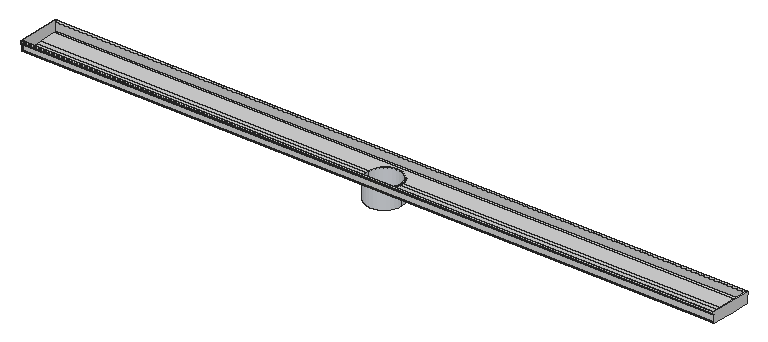
Revit family "Reece_Waste_Kado_Lux_Shower Channel_Welded Ends", category Plumbing Fixtures, host Face, Revit 2018
Family settings
  Host = Face
  Round Connector Dimension = Use Diameter
  Part Type = Normal
  Cut with Voids When Loaded = No
  Shared = Yes
  Room Calculation Point = Yes
Parameters (values of type "1500 mm_Oval_Satin Stainless Steel")
  Waste Connection = no
  Waste = Reece_Waste_Kado_Lux_Shower Channel_Welded Ends_Oval_Nested : Reece_Waste_Kado_Lux_Shower Channel_Welded Ends_Oval_Nested
  WFU = 0  # constant formula
  Vent Connection = no
  URL = "https://www.reece.com.au/product/-306285"
  Type Comments = "Waste\r\n"
  Reece_Waste_Outlet = 76.2 mm
  Reece_Grill_Offset = 0 mm
  Reece_Product_Web Page = "https://www.reece.com.au/product/-306285"
  Reece_Product_Type = "Waste\r\n"  # constant formula
  Reece_Product_Sub Brand = "Lux"  # constant formula
  Reece_Product_Number = "306285"
  Reece_Product_Mount = "Floor Inset"
  Reece_Product_Description = "Kado Lux Oval Shower Channel with Welded Ends Centre Outlet Satin 1500mm"
  Reece_Product_Brand = "Kado"  # constant formula
  Reece_Overall_Width = 96 mm
  Reece_Overall_Length = 1506 mm
  Reece_Overall_Height = 24 mm
  Reece_Material_Main = Reece_Metal_Stainless Steel_Satin
  Reece_Detail_Shape = "Oval, Centre Outlet"
  Reece_Detail_Disclaimer = "THIS FILE IS THE PROPERTY OF THE REECE GROUP. IT MAY NOT BE REPRODUCED, REVERSE-ENGINEERED OR MODIFIED. ANY REPUBLICATION, TRANSMISSION OR DISTRIBUTION FOR THE PURPOSE OF COMMERCIALLY EXPLOITING THE FILES IS PROHIBITED."  # constant formula
  Reece_Detail_Additional = "Shower Channel"  # constant formula
  Model = "Lux"
  Manufacturer = "Kado"
  Keynote = "Product #306285, Reece_Waste_Kado_Lux_Shower Channel_Welded Ends - 1500 mm_Oval_Satin Stainless Steel"
  HWFU = 0  # constant formula
  HW Connection = no
  Disclaimer = "THIS FILE IS THE PROPERTY OF THE REECE GROUP. IT MAY NOT BE REPRODUCED, REVERSE-ENGINEERED OR MODIFIED. ANY REPUBLICATION, TRANSMISSION OR DISTRIBUTION FOR THE PURPOSE OF COMMERCIALLY EXPLOITING THE FILES IS PROHIBITED."  # constant formula
  Description = "Kado Lux Oval Shower Channel with Welded Ends Centre Outlet Satin 1500mm"
  Default Elevation = 1000 mm
  CWFU = 0  # constant formula
  CW Connection = no
Types (12, lengths in mm): name | Waste | URL | Reece_Grill_Offset | Reece_Product_Web Page | Reece_Product_Number | Reece_Product_Description | Reece_Overall_Length | Reece_Detail_Shape | Keynote | Description
  900 mm_Satin Stainless Steel | Reece_Waste_Kado_Lux_Shower Channel_Welded Ends_Rectangular_Nested : Reece_Waste_Kado_Lux_Shower Channel_Welded Ends_Rectangular_Nested | "https://www.reece.com.au/product/-306286" | 869 | "https://www.reece.com.au/product/-306286" | "306286" | "Kado Lux Shower Channel Welded Ends Centre Outlet Satin 900mm" | 906 | "Centre Outlet" | "Product #306286, Reece_Waste_Kado_Lux_Shower Channel_Welded Ends - 900 mm_Satin Stainless Steel" | "Kado Lux Shower Channel Welded Ends Centre Outlet Satin 900mm"
  900 mm_Oval_Satin Stainless Steel | Reece_Waste_Kado_Lux_Shower Channel_Welded Ends_Oval_Nested : Reece_Waste_Kado_Lux_Shower Channel_Welded Ends_Oval_Nested | "https://www.reece.com.au/product/-306282" | 0 | "https://www.reece.com.au/product/-306282" | "306282" | "Kado Lux Oval Shower Channel with Welded Ends Centre Outlet Satin 900mm" | 906 | "Oval, Centre Outlet" | "Product #306282, Reece_Waste_Kado_Lux_Shower Channel_Welded Ends - 900 mm_Oval_Satin Stainless Steel" | "Kado Lux Oval Shower Channel with Welded Ends Centre Outlet Satin 900mm"
  1000 mm_Oval_Satin Stainless Steel | Reece_Waste_Kado_Lux_Shower Channel_Welded Ends_Oval_Nested : Reece_Waste_Kado_Lux_Shower Channel_Welded Ends_Oval_Nested | "https://www.reece.com.au/product/-306283" | 0 | "https://www.reece.com.au/product/-306283" | "306283" | "Kado Lux Oval Shower Channel with Welded Ends Centre Outlet Satin 1000mm" | 1006 | "Oval, Centre Outlet" | "Product #306283, Reece_Waste_Kado_Lux_Shower Channel_Welded Ends - 1000 mm_Oval_Satin Stainless Steel" | "Kado Lux Oval Shower Channel with Welded Ends Centre Outlet Satin 1000mm"
  1200 mm_Oval_Satin Stainless Steel | Reece_Waste_Kado_Lux_Shower Channel_Welded Ends_Oval_Nested : Reece_Waste_Kado_Lux_Shower Channel_Welded Ends_Oval_Nested | "https://www.reece.com.au/product/-306284" | 0 | "https://www.reece.com.au/product/-306284" | "306284" | "Kado Lux Oval Shower Channel with Welded Ends Centre Outlet Satin 1200mm" | 1206 | "Oval, Centre Outlet" | "Product #306284, Reece_Waste_Kado_Lux_Shower Channel_Welded Ends - 1200 mm_Oval_Satin Stainless Steel" | "Kado Lux Oval Shower Channel with Welded Ends Centre Outlet Satin 1200mm"
  1500 mm_Oval_Satin Stainless Steel | Reece_Waste_Kado_Lux_Shower Channel_Welded Ends_Oval_Nested : Reece_Waste_Kado_Lux_Shower Channel_Welded Ends_Oval_Nested | "https://www.reece.com.au/product/-306285" | 0 | "https://www.reece.com.au/product/-306285" | "306285" | "Kado Lux Oval Shower Channel with Welded Ends Centre Outlet Satin 1500mm" | 1506 | "Oval, Centre Outlet" | "Product #306285, Reece_Waste_Kado_Lux_Shower Channel_Welded Ends - 1500 mm_Oval_Satin Stainless Steel" | "Kado Lux Oval Shower Channel with Welded Ends Centre Outlet Satin 1500mm"
  1000 mm_Satin Stainless Steel | Reece_Waste_Kado_Lux_Shower Channel_Welded Ends_Rectangular_Nested : Reece_Waste_Kado_Lux_Shower Channel_Welded Ends_Rectangular_Nested | "https://www.reece.com.au/product/-306287" | 869 | "https://www.reece.com.au/product/-306287" | "306287" | "Kado Lux Shower Channel Welded Ends Centre Outlet Satin 1000mm" | 1006 | "Centre Outlet" | "Product #306287, Reece_Waste_Kado_Lux_Shower Channel_Welded Ends - 1000 mm_Satin Stainless Steel" | "Kado Lux Shower Channel Welded Ends Centre Outlet Satin 1000mm"
  1200 mm_Satin Stainless Steel | Reece_Waste_Kado_Lux_Shower Channel_Welded Ends_Rectangular_Nested : Reece_Waste_Kado_Lux_Shower Channel_Welded Ends_Rectangular_Nested | "https://www.reece.com.au/product/-306288" | 898 | "https://www.reece.com.au/product/-306288" | "306288" | "Kado Lux Shower Channel Welded Ends Centre Outlet Satin 1200mm" | 1206 | "Centre Outlet" | "Product #306288, Reece_Waste_Kado_Lux_Shower Channel_Welded Ends - 1200 mm_Satin Stainless Steel" | "Kado Lux Shower Channel Welded Ends Centre Outlet Satin 1200mm"
  1500 mm_Satin Stainless Steel | Reece_Waste_Kado_Lux_Shower Channel_Welded Ends_Rectangular_Nested : Reece_Waste_Kado_Lux_Shower Channel_Welded Ends_Rectangular_Nested | "https://www.reece.com.au/product/-306289" | 869 | "https://www.reece.com.au/product/-306289" | "306289" | "Kado Lux Shower Channel Welded Ends Centre Outlet Satin 1500mm" | 1506 | "Centre Outlet" | "Product #306289, Reece_Waste_Kado_Lux_Shower Channel_Welded Ends - 1500 mm_Satin Stainless Steel" | "Kado Lux Shower Channel Welded Ends Centre Outlet Satin 1500mm"
  900 mm_Square_Satin Stainless Steel | Reece_Waste_Kado_Lux_Shower Channel_Welded Ends_Square_Nested : Reece_Waste_Kado_Lux_Shower Channel_Welded Ends_Square_Nested | "https://www.reece.com.au/product/-306290" | 0 | "https://www.reece.com.au/product/-306290" | "306290" | "Kado Lux Square Shower Channel Welded Ends Centre Outlets Satin 900mm" | 906 | "Square, Centre Outlet" | "Product #306290, Reece_Waste_Kado_Lux_Shower Channel_Welded Ends - 900 mm_Square_Satin Stainless Steel" | "Kado Lux Square Shower Channel Welded Ends Centre Outlets Satin 900mm"
  1000 mm_Square_Satin Stainless Steel | Reece_Waste_Kado_Lux_Shower Channel_Welded Ends_Square_Nested : Reece_Waste_Kado_Lux_Shower Channel_Welded Ends_Square_Nested | "https://www.reece.com.au/product/-306291" | 0 | "https://www.reece.com.au/product/-306291" | "306291" | "Kado Lux Square Shower Channel Welded Ends Centre Outlet Satin 1000mm" | 1006 | "Square, Centre Outlet" | "Product #306291, Reece_Waste_Kado_Lux_Shower Channel_Welded Ends - 1000 mm_Square_Satin Stainless Steel" | "Kado Lux Square Shower Channel Welded Ends Centre Outlets Satin 1000mm"
  1200 mm_Square_Satin Stainless Steel | Reece_Waste_Kado_Lux_Shower Channel_Welded Ends_Square_Nested : Reece_Waste_Kado_Lux_Shower Channel_Welded Ends_Square_Nested | "https://www.reece.com.au/product/-306292" | 0 | "https://www.reece.com.au/product/-306292" | "306292" | "Kado Lux Square Shower Channel Welded Ends Centre Outlet Satin 1200mm" | 1206 | "Square, Centre Outlet" | "Product #306292, Reece_Waste_Kado_Lux_Shower Channel_Welded Ends - 1200 mm_Square_Satin Stainless Steel" | "Kado Lux Square Shower Channel Welded Ends Centre Outlets Satin 1200mm"
  1500 mm_Square_Satin Stainless Steel | Reece_Waste_Kado_Lux_Shower Channel_Welded Ends_Square_Nested : Reece_Waste_Kado_Lux_Shower Channel_Welded Ends_Square_Nested | "https://www.reece.com.au/product/-306293" | 0 | "https://www.reece.com.au/product/-306293" | "306293" | "Kado Lux Square Shower Channel Welded Ends Centre Outlet Satin 1500mm" | 1506 | "Square, Centre Outlet" | "Product #306293, Reece_Waste_Kado_Lux_Shower Channel_Welded Ends - 1500 mm_Square_Satin Stainless Steel" | "Kado Lux Square Shower Channel Welded Ends Centre Outlets Satin 1500mm"
Reference planes
  plane 1 "Center (Front/Back)": y = 0
  plane 2 "Bottom": z = 0
  plane 3 "Center (Left/Right)": x = 0
  plane 4: z = -2
  plane 5: y = -46.5
  plane 6: x = -753
  plane 7: x = 753
  plane 8: y = 48
  plane 9: y = -48
  plane 10: x = -758
  plane 11: x = 758
  plane 12: z = -2
  plane 13: z = -26
  plane 14: z = -66.117
Forms (mm)
  Extrusion 1, void
    sketch origin (0, 0, -27) x (0, 1, 0) y (-1, 0, 0)
      loop
        line (48, 753) -> (-48, 753) -> (-48, -753) -> (48, -753) -> (48, 753)
    from -39 to 27
Text (mm)
  text "Reece Copyright © 2018, Reece Ltd." at (-393.096, -183.932, 0), in view "Ref. Level"
  text "Reece ©" at (15.979, 169.586, 131.386), in view "Reece Preview"
Dimensions and locks
  "Reece_Overall_Length": plane 6 to plane 7
  equal spacing: plane 6, plane 3 "Center (Left/Right)", plane 7
  "Reece_Overall_Width": plane 9 to plane 8
  "Reece_Overall_Height": plane 12 to plane 13
  plane 13 to plane 14 = 40.117 mm
  plane 6 to plane 7 = 1506 mm
  aligned and locked: host face to plane 2 "Bottom"
  aligned and locked: host face to level
  aligned and locked: plane 7 to Extrusion 1 sketch curve
  aligned and locked: Extrusion 1 sketch curve to plane 6
Automatic sketch dimensions
  host sketch curve to host sketch curve = 1928.794 mm
  host sketch curve to host sketch curve = 236.162 mm
  plane 9 to Extrusion 1 sketch curve = 0 mm
  plane 8 to Extrusion 1 sketch curve = 0 mm
Nested families
  nested 1: "Reece_Waste_Kado_Lux_Shower Channel_Welded Ends_Oval_Nested" at (0, 0, 0), Reece_Overall_Length <- "Reece_Overall_Length", type <- "Waste", Reece_Grill_Offset <- "Reece_Grill_Offset", type "Reece_Waste_Kado_Lux_Shower Channel_Welded Ends_Oval_Nested"
    with Reece_Overall_Length 1506 mm, Reece_Material_Main Reece_Metal_Stainless Steel_Satin, Reece_Grill_Offset 0 mm
Definition of nested family "Reece_Waste_Kado_Lux_Shower Channel_Welded Ends_Oval_Nested"
  Parameters (values of type "Reece_Waste_Kado_Lux_Shower Channel_Welded Ends_Oval_Nested")
    Waste Connection = no
    WFU = 0
    Vent Connection = no
    URL = ""
    Type Comments = ""
    Reece_Overall_Length [instance] = 1206 mm
    Reece_Material_Main [instance] = none
    Reece_Grill_Offset [instance] = 0 mm
    Model = ""
    Manufacturer = ""
    Keynote = ""
    HWFU = 0
    HW Connection = no
    Description = ""
    Default Elevation = 0 mm
    Cost = 0
    CWFU = 0
    CW Connection = no
    Assembly Code = ""
  Reference planes
    plane 1 "Center (Front/Back)": y = 0
    plane 2 "Bottom": z = 0
    plane 3 "Center (Left/Right)": x = 0
    plane 4: y = 48
    plane 5: y = -48
    plane 6: z = -2
    plane 7: y = -46.5
    plane 8: z = -66
    plane 9: z = -26
    plane 10: x = -603
    plane 11: x = -503
    plane 12: x = -453
    plane 13: x = 603
    plane 14: x = 503
    plane 15: x = 453
    plane 16: x = -758
    plane 17: x = 603
    plane 18: x = -603
    plane 19: x = -600
    plane 20: x = 600
  Forms (mm)
    Extrusion 1, solid
      sketch origin (619.2, -619.2, 0) x (1, 0, 0) y (0, 1, 0)
        loop
          line (-1419.2, 734.2) -> (-1419.2, 500.538) -> (179.394, 500.538) -> (179.394, 734.2) -> (-1419.2, 734.2)
      from 0 to -89.663
    Extrusion 2, solid, material <- "Reece_Material_Main"
      sketch origin (0, 0, -2) x (0, -1, 0) y (0, 0, 1)
        loop
          line (-45, -2.1) -> (-45, -19.029)
          arc (-45, -19.029) -> (-44.173, -21.097) -> (-42.149, -22.025) r 3
          line (-42.149, -22.025) -> (-4.7, -23.883)
          arc (-4.7, -23.883) -> (0, -24) -> (4.7, -23.883) r 94.826
          line (4.7, -23.883) -> (42.149, -22.025)
          arc (42.149, -22.025) -> (44.173, -21.097) -> (45, -19.029) r 3
          line (45, -19.029) -> (45, -2.1)
          arc (45, -2.1) -> (46.134, -1.231) -> (46.678, -2.552) r 0.9
          line (46.678, -2.552) -> (45.019, -5.408) -> (46.002, -6) -> (47.699, -3.184)
          arc (47.699, -3.184) -> (46.462, -0.077) -> (43.8, -2.1) r 2.1
          line (43.8, -2.1) -> (43.8, -18.838)
          arc (43.8, -18.838) -> (43.249, -20.217) -> (41.899, -20.836) r 2
          line (41.899, -20.836) -> (4.641, -22.685)
          arc (4.641, -22.685) -> (0, -22.8) -> (-4.641, -22.685) r 93.626
          line (-4.641, -22.685) -> (-41.899, -20.836)
          arc (-41.899, -20.836) -> (-43.249, -20.217) -> (-43.8, -18.838) r 2
          line (-43.8, -18.838) -> (-43.8, -2.1)
          arc (-43.8, -2.1) -> (-46.462, -0.077) -> (-47.699, -3.184) r 2.1
          line (-47.699, -3.184) -> (-46.002, -6) -> (-45.019, -5.408) -> (-46.678, -2.552)
          arc (-46.678, -2.552) -> (-46.134, -1.231) -> (-45, -2.1) r 0.9
      from -603 to 603
    Revolve 3, solid
      sketch origin (0, 0, -2) x (1, 0, 0) y (0, 0, 1)
        loop
          line (-34.998, -21.501) -> (-36.549, -21.501) -> (-36.549, -24) -> (-38.1, -24) -> (-38.1, -64) -> (-34.998, -64) -> (-34.998, -21.501)
        axis (0, -21.501) -> (0, -64)
      angle from 0 to 360
    Extrusion 4, void
      sketch origin (0, 0, -27) x (0, 1, 0) y (-1, 0, 0)
        loop
          line (48, 600) -> (48, 758) -> (-48, 758) -> (-48, 600) -> (48, 600)
        loop
          line (48, -600) -> (-48, -600) -> (-48, -758) -> (48, -758) -> (48, -600)
      from -8.217 to 27
    Extrusion 5, void
      sketch origin (0, 0, -27) x (0, 1, 0) y (-1, 0, 0)
        loop
          circle (0, 0) r 34.998
      from 0 to 17
    Extrusion 6, void
      sketch origin (0, 0, 0) x (0, 1, 0) y (0, 0, 1)
        loop
          line (4.7, -25.258) -> (38.423, -23.585) -> (38.423, -21.66) -> (-38.133, -21.66) -> (-38.133, -23.599) -> (-4.7, -25.258)
          arc (-4.7, -25.258) -> (0, -25.375) -> (4.7, -25.258) r 94.826
      from -45.507 to 40.859
    Extrusion 7, solid, material <- "Reece_Material_Main"
      sketch origin (0, 0, 0) x (0, 1, 0) y (0, 0, 1)
        loop
          arc (43.8, -4.1) -> (44.415, -2.615) -> (45.9, -2) r 2.1
          line (45.9, -2) -> (-45.9, -2)
          arc (-45.9, -2) -> (-44.415, -2.615) -> (-43.8, -4.1) r 2.1
          line (-43.8, -4.1) -> (-43.8, -20.838)
          arc (-43.8, -20.838) -> (-43.249, -22.217) -> (-41.899, -22.836) r 2
          line (-41.899, -22.836) -> (-4.641, -24.685)
          arc (-4.641, -24.685) -> (0, -24.8) -> (4.641, -24.685) r 93.626
          line (4.641, -24.685) -> (41.899, -22.836)
          arc (41.899, -22.836) -> (43.249, -22.217) -> (43.8, -20.838) r 2
          line (43.8, -20.838) -> (43.8, -4.1)
      from -603 to -601
    Extrusion 8, solid, material <- "Reece_Material_Main"
      sketch origin (0, 0, 0) x (0, 1, 0) y (0, 0, 1)
        loop
          line (45.9, -2) -> (-45.9, -2)
          arc (-45.9, -2) -> (-44.415, -2.615) -> (-43.8, -4.1) r 2.1
          line (-43.8, -4.1) -> (-43.8, -20.838)
          arc (-43.8, -20.838) -> (-43.249, -22.217) -> (-41.899, -22.836) r 2
          line (-41.899, -22.836) -> (-4.641, -24.685)
          arc (-4.641, -24.685) -> (0, -24.8) -> (4.641, -24.685) r 93.626
          line (4.641, -24.685) -> (41.899, -22.836)
          arc (41.899, -22.836) -> (43.249, -22.217) -> (43.8, -20.838) r 2
          line (43.8, -20.838) -> (43.8, -4.1)
          arc (43.8, -4.1) -> (44.415, -2.615) -> (45.9, -2) r 2.1
      from 601 to 603
  Cuts and joins
    Extrusion 5 cuts Extrusion 2
    joined: Extrusion 2, Extrusion 7, Extrusion 8
    Extrusion 5, Extrusion 6 cuts Revolve 3
    Extrusion 4 cuts ?
  Text (mm)
    text "Reece Copyright © 2018, Reece Ltd." at (-393.096, -183.932, 0), in view "Ref. Level"
    text "Reece ©" at (15.979, 169.586, 131.386), in view "Reece Preview"
  Dimensions and locks
    plane 5 to plane 4 = 96 mm
    equal spacing: plane 5, plane 1 "Center (Front/Back)", plane 4
    "Reece_Overall_Length": plane 18 to plane 17
    equal spacing: plane 18, plane 3 "Center (Left/Right)", plane 17
    locked: plane 18 to plane 19 at 3
    locked: plane 20 to plane 17 at 3
    locked: plane 18 to Extrusion 7 at 2
    locked: Extrusion 8 to plane 17 at 2
    aligned and locked: Extrusion 1 to plane 2 "Bottom"
    aligned and locked: Extrusion 1 to level
    aligned and locked: plane 16 to Extrusion 4 sketch curve
    aligned and locked: plane 18 to Extrusion 7
    aligned and locked: Extrusion 8 to plane 17
    aligned and locked: Extrusion 2 to Extrusion 8
    aligned and locked: plane 18 to Extrusion 2
    aligned and locked: plane 19 to Extrusion 4 sketch curve
    aligned and locked: Extrusion 4 sketch curve to plane 20
  Automatic sketch dimensions
    Extrusion 1 sketch curve to Extrusion 1 sketch curve = 1598.594 mm
    Extrusion 1 sketch curve to Extrusion 1 sketch curve = 233.662 mm
    Extrusion 2 sketch curve to Extrusion 2 sketch curve = 0 mm  (x6)
    Extrusion 2 sketch curve to plane 1 "Center (Front/Back)" = 0 mm
    Extrusion 2 sketch curve to plane 1 "Center (Front/Back)" = 4.641 mm
    Extrusion 2 sketch curve to Extrusion 2 sketch curve = 0.059 mm  (x2)
    Extrusion 2 sketch curve to plane 4 = 6.2 mm
    Extrusion 2 sketch curve to Extrusion 2 sketch curve = 0.099 mm  (x2)
    Extrusion 2 sketch curve to Extrusion 2 sketch curve = 0.2 mm  (x2)
    Extrusion 2 sketch curve to Extrusion 2 sketch curve = 0.25 mm  (x2)
    Extrusion 2 sketch curve to Extrusion 2 sketch curve = 1.8 mm  (x2)
    Extrusion 2 sketch curve to Extrusion 2 sketch curve = 1.2 mm  (x2)
    Extrusion 2 sketch curve to plane 4 = 2.981 mm
    Extrusion 2 sketch curve to Extrusion 2 sketch curve = 0.9 mm
    Extrusion 2 sketch curve to Extrusion 2 sketch curve = 0.982 mm
    Extrusion 2 sketch curve to Extrusion 2 sketch curve = 0.778 mm
    Extrusion 2 sketch curve to plane 4 = 0.301 mm
    plane 7 to Extrusion 2 sketch curve = 4.7 mm
    plane 7 to Extrusion 2 sketch curve = 1.481 mm
    plane 7 to Extrusion 2 sketch curve = 0.6 mm
    plane 7 to Extrusion 2 sketch curve = 0.498 mm
    Extrusion 2 sketch curve to plane 7 = 0.178 mm
    Extrusion 2 sketch curve to plane 5 = 0.301 mm
    Extrusion 2 sketch curve to level = 8 mm  (x2)
    Extrusion 2 sketch curve to Extrusion 2 sketch curve = 0.592 mm  (x2)
    level to Extrusion 2 sketch curve = 68.826 mm
    plane 9 to Extrusion 2 sketch curve = 1.315 mm
    plane 1 "Center (Front/Back)" to Extrusion 2 sketch curve = 4.641 mm
    plane 9 to Extrusion 2 sketch curve = 0.117 mm
    plane 9 to Extrusion 2 sketch curve = 1.975 mm  (x2)
    Extrusion 2 sketch curve to Extrusion 2 sketch curve = 1.189 mm  (x2)
    Revolve 3 sketch curve to plane 9 = 0 mm  (x2)
    Revolve 3 sketch curve to plane 8 = 0 mm  (x2)
    Revolve 3 sketch curve to plane 3 "Center (Left/Right)" = 0 mm
    plane 9 to Revolve 3 sketch curve = 2.499 mm
    Revolve 3 sketch curve to plane 3 "Center (Left/Right)" = 34.998 mm
    Revolve 3 sketch curve to Revolve 3 sketch curve = 1.551 mm
    Revolve 3 sketch curve to Revolve 3 sketch curve = 3.102 mm
    plane 1 "Center (Front/Back)" to Extrusion 5 sketch curve = 0 mm
    Extrusion 5 sketch curve to plane 3 "Center (Left/Right)" = 0 mm
    Extrusion 6 sketch curve to plane 1 "Center (Front/Back)" = 0 mm
    plane 9 to Extrusion 6 sketch curve = 0.742 mm  (x2)
    plane 1 "Center (Front/Back)" to Extrusion 6 sketch curve = 4.7 mm
    plane 7 to Extrusion 6 sketch curve = 8.367 mm
    level to Extrusion 6 sketch curve = 69.451 mm
    plane 9 to Extrusion 6 sketch curve = 2.415 mm
    Extrusion 6 sketch curve to Extrusion 6 sketch curve = 1.939 mm
    Extrusion 6 sketch curve to Extrusion 6 sketch curve = 1.925 mm
    Extrusion 6 sketch curve to plane 4 = 9.577 mm
    Extrusion 7 sketch curve to plane 4 = 6.2 mm
    Extrusion 7 sketch curve to Extrusion 7 sketch curve = 2 mm
    plane 9 to Extrusion 7 sketch curve = 5.162 mm
    Extrusion 7 sketch curve to Extrusion 7 sketch curve = 0.099 mm  (x2)
    plane 6 to Extrusion 7 sketch curve = 2.1 mm  (x2)
    plane 9 to Extrusion 7 sketch curve = 1.315 mm  (x2)
    Extrusion 7 sketch curve to plane 1 "Center (Front/Back)" = 4.641 mm
    Extrusion 7 sketch curve to plane 1 "Center (Front/Back)" = 0 mm
    level to Extrusion 7 sketch curve = 68.826 mm
    plane 7 to Extrusion 7 sketch curve = 4.601 mm
    plane 9 to Extrusion 7 sketch curve = 3.164 mm
    Extrusion 7 sketch curve to Extrusion 7 sketch curve = 1.998 mm
    Extrusion 7 sketch curve to plane 6 = 0 mm
    Extrusion 7 sketch curve to plane 5 = 2.1 mm  (x2)
    Extrusion 7 sketch curve to plane 4 = 2.1 mm  (x2)
    plane 6 to Extrusion 8 sketch curve = 0 mm  (x3)
    Extrusion 8 sketch curve to Extrusion 8 sketch curve = 2.1 mm  (x2)
    Extrusion 8 sketch curve to plane 5 = 2.1 mm
    plane 7 to Extrusion 8 sketch curve = 0.6 mm
    Extrusion 8 sketch curve to plane 4 = 2.1 mm  (x2)
    plane 9 to Extrusion 8 sketch curve = 5.162 mm
    Extrusion 8 sketch curve to Extrusion 8 sketch curve = 2 mm
    Extrusion 8 sketch curve to Extrusion 8 sketch curve = 0.099 mm
    plane 9 to Extrusion 8 sketch curve = 1.315 mm  (x2)
    plane 1 "Center (Front/Back)" to Extrusion 8 sketch curve = 4.641 mm
    Extrusion 8 sketch curve to plane 1 "Center (Front/Back)" = 0 mm
    level to Extrusion 8 sketch curve = 68.826 mm
    Extrusion 8 sketch curve to plane 4 = 6.101 mm
    plane 9 to Extrusion 8 sketch curve = 3.164 mm
    Extrusion 8 sketch curve to Extrusion 8 sketch curve = 1.998 mm
    plane 5 to Extrusion 4 sketch curve = 0 mm  (x2)
    plane 4 to Extrusion 4 sketch curve = 0 mm
    Extrusion 4 sketch curve to plane 4 = 0 mm
    plane 13 to Extrusion 4 sketch curve = 155 mm
    radius of Extrusion 5 sketch curve = 34.998 mm
